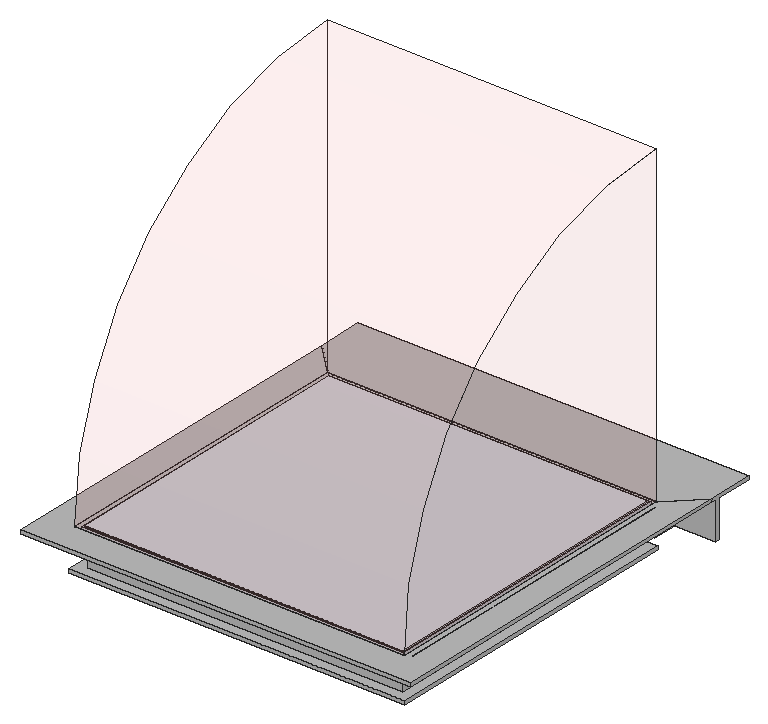
Revit family "Door_Access_Floor_Best_Access_Doors_BA-HFR-18-Carpet-VinylTile", category Specialty Equipment, host Face, Revit 2017
Family settings
  Host = Face
  Round Connector Dimension = Use Diameter
  Part Type = Normal
  Cut with Voids When Loaded = No
  Shared = No
  Room Calculation Point = No
Parameters
  singleleafframelocate = if(Single Leaf, 0' 3", 0' 0")  # 0' - 3"
  halfswing = (Door Width / 2)  # 0' - 11 3/8"
  Warranty Duration (Years) = 0
  Unit Width = 1' - 10 3/4"
  Unit Weight = 0
  Unit Height = 2' - 1 1/8"
  Unit Depth = 0' - 3"
  URL = "https://www.bestaccessdoors.com/"
  Test Data = ""
  Swing Clearance Visible [instance] = yes
  Standards Conformance = "as Specified"
  Specification = ""
  SpecWizard = ""
  SingleSwing [instance] = and(Single Leaf, Swing Clearance Visible)  # yes
  Single Leaf = yes
  Sales Information = ""
  Revision = "R1_2017-03"
  Product data url = "https://bimobject.com/best-access-doors/product/hinged-floor-hatch-recessed-for-vinyl-tile-carpet-access-door"
  Product Properties = ""
  Product Data = ""
  Overall Width = 2' - 4 3/4"
  Overall Height = 2' - 7 1/8"
  Opening Width = Unit Width  # 1' - 10 3/4"
  Opening Height = Unit Height  # 2' - 1 1/8"
  Opening Depth [instance] = 1' - 0"
  Model = "As Specified"
  Manufacturer = "Best Access Doors"  # constant formula
  Maintenance Schedule (Months) = 0
  Keynote = ""
  Installation-Fabrication = ""
  Installation Phase = ""
  Green Building-LEED = ""
  Frame Finish [instance] = Metal - Best Access Doors - Aluminum
  Floor Material Thickness [instance] = 0' - 0 1/16"
  Floor Material [instance] = none
  Fixture Finish [instance] = none
  Expected Lifespan (Years) = 0
  DoubleSwing [instance] = and(Double Leaf, Swing Clearance Visible)  # no
  Double Leaf = not(Single Leaf)  # no
  Door Width = Unit Width  # 1' - 10 3/4"
  Door Height = Unit Height  # 2' - 1 1/8"
  Description = "Best Access Doors Product as Specified"
  Default Elevation = 0' - 0"  # constant formula
  Construction Details = ""
  Clearance Material [instance] = Clearance
  Clear Opening Width = 1' - 8"
  Clear Opening Height = 2' - 0"
  Capacity = "as Specified"
  Available Options [instance] = "as Specified"
  Assembly Code = ""
Reference planes (in)
  plane 1 "Center (Front/Back)": y = 1.28343
  plane 2: z = 0
  plane 3 "Center (Left/Right)": x = 0
  plane 4: y = 13.84593
  plane 5: y = -11.27907
  plane 6: x = -11.375
  plane 7: x = 11.375
  plane 8: z = 0
  plane 9: y = 16.84593
  plane 10: y = -14.27907
  plane 11: x = -14.375
  plane 12: x = 14.375
  plane 13: z = -3
  plane 14: x = -11.375
  plane 15: x = 11.375
  plane 16: y = 13.84593
  plane 17: y = -11.27907
  plane 18: z = -12
Forms (in)
  Extrusion 1, void
    sketch origin (0, 0, 0) x (1, 0, 0) y (0, 1, 0)
      loop
        line (-11.375, 13.84593) -> (-11.375, -11.27907) -> (11.375, -11.27907) -> (11.375, 13.84593) -> (-11.375, 13.84593)
    from -12 to 0
  Extrusion 2, void
    sketch origin (0, 0, 0) x (1, 0, 0) y (0, 1, 0)
      loop
        line (-14.375, 16.84593) -> (-14.375, -14.27907) -> (14.375, -14.27907) -> (14.375, 16.84593) -> (-14.375, 16.84593)
    from 0 to -0.25
Dimensions and locks (in)
  locked: plane 8 to level
  equal spacing: plane 4, plane 1 "Center (Front/Back)", plane 5
  "Unit Height": plane 4 to plane 5
  equal spacing: plane 6, plane 3 "Center (Left/Right)", plane 7
  "Unit Width": plane 6 to plane 7
  equal spacing: plane 11, plane 3 "Center (Left/Right)", plane 12
  "Overall Width": plane 11 to plane 12
  "Overall Height": plane 9 to plane 10
  "Unit Depth": plane 8 to plane 13
  equal spacing: plane 16, plane 1 "Center (Front/Back)", plane 17
  equal spacing: plane 14, plane 3 "Center (Left/Right)", plane 15
  "Opening Width": plane 14 to plane 15
  "Opening Height": plane 16 to plane 17
  "Opening Depth": level to plane 18
  locked: plane 17 to plane 10 at 3
  aligned and locked: host face to plane 2
  aligned and locked: host face to level
  aligned and locked: Extrusion 1 sketch curve to plane 16
  aligned and locked: plane 14 to Extrusion 1 sketch curve
  aligned and locked: plane 17 to Extrusion 1 sketch curve
  aligned and locked: Extrusion 1 sketch curve to plane 15
  aligned and locked: Extrusion 1 to plane 18
  aligned and locked: plane 8 to Extrusion 1
  aligned and locked: plane 3 "Center (Left/Right)" to nested 1
  aligned and locked: plane 1 "Center (Front/Back)" to nested 1
  aligned and locked: Extrusion 2 sketch curve to nested 1  (x4)
  aligned and locked: plane 3 "Center (Left/Right)" to nested 2
  aligned and locked: nested 2 to plane 1 "Center (Front/Back)"
Automatic sketch dimensions
  host sketch curve to host sketch curve = 12' - 11.75605"
  host sketch curve to host sketch curve = 12' - 7.74281"
Nested families (in)
  nested 1: "BA-HFR-18-SL" at (0, 0, 0), Frame Finish <- "Frame Finish", Swing Clearance Visible <- "Swing Clearance Visible", Floor Material <- "Floor Material", Floor Material Thickness <- "Floor Material Thickness", Fixture Finish <- "Fixture Finish", Clearance Material <- "Clearance Material", Clear Opening Width <- "Clear Opening Width", Clear Opening Height <- "Clear Opening Height", Unit Width <- "Unit Width", Unit Height <- "Unit Height", Unit Depth <- "Unit Depth", Overall Height <- "Overall Height", Overall Width <- "Overall Width", visible <- "Single Leaf", type "BA-HFR-18-SL"
    with halfswing 1' - 0 1/8", doorwidthhalfneg -1' - 0 1/8", doorwidthhalf 1' - 0 1/8", Unit Width 1' - 10 3/4", Unit Height 2' - 1 1/8", Unit Depth 0' - 3", Swing Clearance Visible yes, SingleSwing yes, Overall Width 2' - 4 3/4", Overall Height 2' - 7 1/8", Opening Width 1' - 10 3/4", Opening Height 2' - 1 1/8", Opening Depth 1' - 0", Frame Finish Metal - Best Access Doors - Aluminum, Floor Material Thickness 0' - 0 1/16", Floor Material none, Fixture Finish none, DoubleSwing no, Door Width 2' - 0 1/4", Door Height 1' - 11 1/4", Clearance Material Clearance, Clear Opening Width 1' - 8", Clear Opening Height 2' - 0", Available Options "as Specified"
  nested 2: "BA-HFR-18-DL" at (1.28343, 1.28343, 0) x (0, 1, 0) z (0, 0, 1), visible <- "Double Leaf", Swing Clearance Visible <- "Swing Clearance Visible", Floor Material Thickness <- "Floor Material Thickness", Frame Finish <- "Frame Finish", Floor Material <- "Floor Material", Fixture Finish <- "Fixture Finish", Clearance Material <- "Clearance Material", Unit Width <- "Unit Height", Unit Height <- "Unit Width", Unit Depth <- "Unit Depth", Overall Width <- "Overall Height", Overall Height <- "Overall Width", Clear Opening Width <- "Clear Opening Height", Clear Opening Height <- "Clear Opening Width", type "BA-HFR-18-DL"
    with halfswing 0' - 8 3/4", doorwidthhalfneg -1' - 1 5/16", doorwidthhalf 1' - 1 5/16", Unit Width 2' - 1 1/8", Unit Height 1' - 10 3/4", Unit Depth 0' - 3", Swing Clearance Visible yes, SingleSwing no, Overall Width 2' - 7 1/8", Overall Height 2' - 4 3/4", Opening Width 2' - 1 1/8", Opening Height 1' - 10 3/4", Opening Depth 1' - 0", Frame Finish Metal - Best Access Doors - Aluminum, Floor Material Thickness 0' - 0 1/16", Floor Material none, Fixture Finish none, DoubleSwing yes, Door Width 2' - 2 5/8", Door Height 1' - 5 1/2", Clearance Material Clearance, Clear Opening Width 2' - 0", Clear Opening Height 1' - 8", Available Options "as Specified"
Definition of nested family "BA-HFR-18-SL"
  Parameters (values of type "BA-HFR-18-SL")
    halfswing [instance] = (Door Width / 2)  # 1' - 9 1/8"
    doorwidthhalfneg [instance] = -(Door Width / 2)  # -1' - 9 1/8"
    doorwidthhalf [instance] = Door Width / 2  # 1' - 9 1/8"
    Warranty Duration (Years) = 0
    Unit Width [instance] = 3' - 4 3/4"
    Unit Weight = 0
    Unit Height [instance] = 3' - 8 1/8"
    Unit Depth [instance] = 0' - 3"
    URL = "https://www.bestaccessdoors.com/"
    Test Data = ""
    Swing Clearance Visible [instance] = yes
    Standards Conformance = "as Specified"
    Specification = ""
    SpecWizard = ""
    SingleSwing [instance] = and(Single Leaf, Swing Clearance Visible)  # yes
    Single Leaf = yes
    Sales Information = ""
    Revision = "R1_2017-03"
    Product Properties = ""
    Product Data = ""
    Overall Width [instance] = 3' - 10 3/4"
    Overall Height [instance] = 4' - 1 1/8"
    Opening Width [instance] = Unit Width  # 3' - 4 3/4"
    Opening Height [instance] = Unit Height  # 3' - 8 1/8"
    Opening Depth [instance] = 1' - 0"
    Model = "As Specified"
    Manufacturer = "Best Access Doors"
    Maintenance Schedule (Months) = 0
    Keynote = ""
    Installation-Fabrication = ""
    Installation Phase = ""
    Green Building-LEED = ""
    Frame Finish [instance] = none
    Floor Material Thickness [instance] = 0' - 0 1/16"
    Floor Material [instance] = none
    Fixture Finish [instance] = none
    Expected Lifespan (Years) = 0
    DoubleSwing [instance] = and(Double Leaf, Swing Clearance Visible)  # no
    Double Leaf = not(Single Leaf)  # no
    Door Width [instance] = Overall Width - 0' 4 1/2"  # 3' - 6 1/4"
    Door Height [instance] = Unit Height - 0' 3 3/8" + 0' 1 1/2"  # 3' - 6 1/4"
    Description = "Best Access Doors Product as Specified"
    Default Elevation = 0' - 0"  # constant formula
    Construction Details = ""
    Clearance Material [instance] = none
    Clear Opening Width [instance] = 1' - 8"
    Clear Opening Height [instance] = 2' - 0"
    Capacity = "as Specified"
    Available Options [instance] = "as Specified"
    Assembly Code = ""
  Reference planes (in)
    plane 1 "Center (Front/Back)": y = 1.28343
    plane 2: z = 0
    plane 3 "Center (Left/Right)": x = 0
    plane 4: y = 23.34593
    plane 5: y = -20.77907
    plane 6: x = -20.375
    plane 7: x = 20.375
    plane 8: z = 0
    plane 9: y = 25.34593
    plane 10: y = -23.77907
    plane 11: x = -23.375
    plane 12: x = 23.375
    plane 13: z = -3
    plane 14: x = -20.375
    plane 15: x = 20.375
    plane 16: y = 23.34593
    plane 17: y = -20.77907
    plane 18: z = -12
    plane 19: y = 19.97093
    plane 20: y = -0.40407
    plane 21: y = 20.47093
    plane 22: y = -21.27907
    plane 23: x = 20.875
    plane 24: x = -20.875
  Forms (in)
    Extrusion 1, solid
      sketch origin (0, 0, 0) x (1, 0, 0) y (0, 1, 0)
        loop
          line (-79.875, 69.28343) -> (-79.875, -82.45938) -> (75.88105, -82.45938) -> (75.88105, 69.28343) -> (-79.875, 69.28343)
      from 0 to -12
    Sweep 2, solid, material <- "Frame Finish", visible <- "Single Leaf"
      path origin (0, 0, 0) x (1, 0, 0) y (0, 1, 0)
        loop
          line (23.375, 25.34593) -> (23.375, -23.77907) -> (-23.375, -23.77907) -> (-23.375, 25.34593)
      profile origin (-23.375, 0.78343, 0) x (-1, 0, 0) y (0, 0, 1)
        loop
          line (-3, -0.25) -> (-3, -3) -> (-2, -3) -> (-2, -2.75) -> (-2.75, -2.75) -> (-2.75, -0.42678) -> (-2.32322, -0.42678) -> (-2.14645, -0.25) -> (0, -0.25) -> (0, 0) -> (-2.25, 0) -> (-2.5, -0.25) -> (-3, -0.25)
    Extrusion 3, solid, material <- "Fixture Finish", visible <- "Single Leaf"
      sketch origin (0, 0, 0) x (1, 0, 0) y (0, 1, 0)
        loop
          line (-20.875, 20.47093) -> (-20.875, -21.27907) -> (20.875, -21.27907) -> (20.875, 20.47093) -> (-20.875, 20.47093)
      from 0 to -0.25
    Extrusion 4, solid, material <- "Frame Finish", visible <- "Single Leaf"
      sketch origin (0, 0, 0) x (1, 0, 0) y (0, 1, 0)
        loop
          line (-19.625, 19.34593) -> (-19.625, -20.02739) -> (19.62332, -20.02739) -> (19.62332, 19.34593) -> (-19.625, 19.34593)
      from -2.45734 to -0.25
    Sweep 5, solid, material <- "Frame Finish", visible <- "Single Leaf"
      path origin (0, 0, 0) x (1, 0, 0) y (0, 1, 0)
        loop
          line (-23.375, 25.34593) -> (23.375, 25.34593)
      profile origin (0, 25.34593, 0) x (0, 1, 0) y (0, 0, 1)
        loop
          line (-5.375, -0.25) -> (-5.375, -0.5) -> (-4.77145, -0.5) -> (-4.52145, -0.25) -> (-3.875, -0.25) -> (-3.875, -3) -> (-1.75, -3) -> (-1.75, -0.25) -> (0, -0.25) -> (0, 0) -> (-4.625, 0) -> (-4.875, -0.25) -> (-5.375, -0.25)
    Extrusion 6, void
      sketch origin (0, 0, 0) x (1, 0, 0) y (0, 1, 0)
        loop
          line (-23.375, 22.97093) -> (-20.875, 20.47093) -> (-20.375, 20.47093) -> (-20.375, 25.34593) -> (-23.375, 25.34593) -> (-23.375, 22.97093)
        loop
          line (23.375, 22.97093) -> (23.375, 25.34593) -> (20.375, 25.34593) -> (20.375, 20.47093) -> (20.875, 20.47093) -> (23.375, 22.97093)
      from 0 to -3
    Extrusion 7, void
      sketch origin (0, 0, 0) x (1, 0, 0) y (0, 1, 0)
        loop
          line (-20.875, 19.97093) -> (-20.875, 20.47093) -> (-23.375, 22.97093) -> (-23.375, 19.97093) -> (-20.875, 19.97093)
        loop
          line (20.875, 19.97093) -> (23.375, 19.97093) -> (23.375, 22.97093) -> (20.875, 20.47093) -> (20.875, 19.97093)
      from 0 to -3
    Extrusion 8, void
      sketch origin (0, 0, 0) x (1, 0, 0) y (0, 1, 0)
        loop
          line (-20.375, 20.47093) -> (-20.375, 23.34593) -> (-23.375, 23.34593) -> (-23.375, 20.47093) -> (-20.375, 20.47093)
        loop
          line (20.375, 20.47093) -> (23.375, 20.47093) -> (23.375, 23.34593) -> (20.375, 23.34593) -> (20.375, 20.47093)
      from -3 to -0.25
    Extrusion 9, solid, material <- "Clearance Material", visible <- "SingleSwing"
      sketch origin (0, 0, 0) x (0, 1, 0) y (0, 0, 1)
        loop
          arc (20.72093, 42.25) -> (-9.15433, 29.87526) -> (-21.52907, 0) r 42.25
          line (-21.52907, 0) -> (20.72093, 0) -> (20.72093, 42.25)
      from -21.125 <- "doorwidthhalfneg" to 21.125 <- "doorwidthhalf"
    Extrusion 10, solid, material <- "Floor Material"
      sketch origin (0, 0, 0) x (1, 0, 0) y (0, 1, 0)
        loop
          line (20.75, -21.15407) -> (20.75, 20.34593) -> (-20.75, 20.34593) -> (-20.75, -21.15407) -> (20.75, -21.15407)
      from 0 to 0.0625 <- "Floor Material Thickness"
  Cuts and joins
    Extrusion 6, Extrusion 8 cuts Sweep 2
    Extrusion 7, Extrusion 8 cuts Sweep 5
  Lines and regions (in)
    model lines, visible <- "Single Leaf"
      curve 1: line (-20.875, -21.27907, 0.0625) -> (0, 20.47093, 0.0625)
      curve 2: line (0, 20.47093, 0.0625) -> (20.875, -21.27907, 0.0625)
  Dimensions and locks (in)
    locked: plane 8 to level
    equal spacing: plane 4, plane 1 "Center (Front/Back)", plane 5
    "Unit Height": plane 4 to plane 5
    equal spacing: plane 6, plane 3 "Center (Left/Right)", plane 7
    "Unit Width": plane 6 to plane 7
    equal spacing: plane 11, plane 3 "Center (Left/Right)", plane 12
    "Overall Width": plane 11 to plane 12
    "Overall Height": plane 9 to plane 10
    "Unit Depth": plane 8 to plane 13
    equal spacing: plane 16, plane 1 "Center (Front/Back)", plane 17
    equal spacing: plane 14, plane 3 "Center (Left/Right)", plane 15
    "Opening Width": plane 14 to plane 15
    "Opening Height": plane 16 to plane 17
    "Opening Depth": level to plane 18
    locked: Extrusion 4 sketch curve to plane 15 at 0.75168
    locked: plane 14 to Extrusion 4 sketch curve at 0.75
    locked: plane 16 to Extrusion 4 sketch curve at 4
    locked: Extrusion 4 sketch curve to plane 17 at 0.75168
    locked: plane 16 to plane 19 at 3.375
    plane 14 to Sweep 2 sketch curve to Sweep 2 sketch curve to Sweep 2 sketch curve to Sweep 2 sketch curve to Sweep 2 sketch curve to Sweep 2 sketch curve = 0' - 0 1/4" locked, 0' - 0 1/4" locked, 0' - 0.17678" locked, 0' - 0.07322" locked, 0' - 0.10355" locked, 0' - 0.14645" locked
    locked: plane 17 to plane 10 at 3
    locked: plane 17 to plane 22 at 0.5
    locked: plane 21 to plane 19 at 0.5
    equal spacing: plane 21, plane 20, plane 22
    locked: plane 24 to plane 14 at 0.5
    locked: plane 15 to plane 23 at 0.5
    Extrusion 7 sketch curve to Extrusion 7 sketch curve to plane 19 = 0' - 2 1/2" locked, 0' - 0 1/2" locked  (x2)
    locked: Extrusion 6 sketch curve to plane 21 at 2.5  (x2)
    Sweep 5 sketch curve to plane 16 to Sweep 5 sketch curve = 0' - 1 7/8" locked, 0' - 0 1/4" locked
    plane 19 to Sweep 5 sketch curve to Sweep 5 sketch curve to Sweep 5 sketch curve to Sweep 5 sketch curve = 0' - 0 1/2" locked, 0' - 0.10355" locked, 0' - 0.14645" locked, 0' - 0.10355" locked
    locked: plane 21 to Extrusion 9 sketch curve at 0.25  (x2)
    locked: level to Extrusion 9 sketch curve at 0
    locked: plane 21 to Extrusion 10 sketch curve at 0.125
    locked: plane 24 to Extrusion 10 sketch curve at 0.125
    locked: Extrusion 10 sketch curve to plane 23 at 0.125
    locked: Extrusion 10 sketch curve to plane 22 at 0.125
    "Door Height": radius of Extrusion 9 sketch curve
    aligned and locked: Extrusion 1 to plane 2
    aligned and locked: Extrusion 1 to level
    aligned and locked: Sweep 2 sketch curve to plane 11
    aligned and locked: Sweep 2 sketch curve to plane 10
    aligned and locked: Sweep 2 sketch curve to plane 12
    aligned and locked: plane 9 to Sweep 2 sketch curve
    aligned and locked: Sweep 2 sketch curve to plane 9
    aligned and locked: plane 3 "Center (Left/Right)" to curve 2
    aligned and locked: Extrusion 3 sketch curve to plane 21
    aligned and locked: Extrusion 3 sketch curve to plane 24
    aligned and locked: Extrusion 3 sketch curve to plane 23
    aligned and locked: Extrusion 3 sketch curve to plane 22
    aligned and locked: plane 12 to Sweep 5 sketch curve
    aligned and locked: plane 11 to Sweep 5 sketch curve
    aligned and locked: Sweep 5 sketch curve to plane 9  (x2)
    aligned and locked: plane 21 to curve 2
    aligned and locked: Extrusion 7 sketch curve to plane 19  (x2)
    aligned and locked: plane 24 to Extrusion 7 sketch curve
    aligned and locked: Extrusion 7 sketch curve to plane 11
    aligned and locked: Extrusion 7 sketch curve to plane 12
    aligned and locked: plane 23 to Extrusion 7 sketch curve
    aligned and locked: plane 21 to Extrusion 6 sketch curve  (x2)
    aligned and locked: Extrusion 6 sketch curve to plane 15
    aligned and locked: Extrusion 6 sketch curve to plane 9  (x2)
    aligned and locked: plane 12 to Extrusion 6 sketch curve
    aligned and locked: plane 23 to Extrusion 6 sketch curve
    aligned and locked: plane 24 to Extrusion 6 sketch curve
    aligned and locked: plane 11 to Extrusion 6 sketch curve
    aligned and locked: Extrusion 6 sketch curve to plane 14
    aligned and locked: Extrusion 8 sketch curve to plane 14
    aligned and locked: plane 21 to Extrusion 8 sketch curve  (x2)
    aligned and locked: plane 11 to Extrusion 8 sketch curve
    aligned and locked: Extrusion 8 sketch curve to plane 15
    aligned and locked: plane 12 to Extrusion 8 sketch curve
    aligned and locked: Sweep 5 sketch curve to plane 19
    aligned and locked: Extrusion 8 sketch curve to plane 4  (x2)
  Automatic sketch dimensions
    Extrusion 1 sketch curve to Extrusion 1 sketch curve = 12' - 11.75605"
    Extrusion 1 sketch curve to Extrusion 1 sketch curve = 12' - 7.74281"
    Sweep 2 sketch curve to level = 0' - 0"
    Sweep 2 sketch curve to profile plane = 0' - 0"
    Sweep 2 sketch curve to level = 0' - 0 1/4"  (x2)
    Sweep 2 sketch curve to Sweep 2 sketch curve = 0' - 0 1/4"  (x2)
    Sweep 2 sketch curve to Sweep 2 sketch curve = 0' - 2 1/2"
    Sweep 2 sketch curve to level = 0' - 0.42678"
    Sweep 5 sketch curve to level = 0' - 0"
    Sweep 5 sketch curve to level = 0' - 0 1/4"  (x2)
    Sweep 5 sketch curve to Sweep 5 sketch curve = 0' - 0 1/4"  (x2)
    Sweep 5 sketch curve to Sweep 5 sketch curve = 0' - 2 3/4"
    Extrusion 10 to curve 1 = 0' - 0 1/8"  (x2)
    Extrusion 10 to curve 2 = 0' - 0 1/8"  (x2)
Definition of nested family "BA-HFR-18-DL"
  Parameters (values of type "BA-HFR-18-DL")
    halfswing [instance] = (Door Height / 2)  # 1' - 6 15/16"
    doorwidthhalfneg [instance] = -(Door Width / 2)  # -1' - 9 1/8"
    doorwidthhalf [instance] = Door Width / 2  # 1' - 9 1/8"
    Warranty Duration (Years) = 0
    Unit Width [instance] = 3' - 4 3/4"
    Unit Weight = 0
    Unit Height [instance] = 3' - 7 1/8"
    Unit Depth [instance] = 0' - 3"
    URL = "https://www.bestaccessdoors.com/"
    Test Data = ""
    Swing Clearance Visible [instance] = yes
    Standards Conformance = "as Specified"
    Specification = ""
    SpecWizard = ""
    SingleSwing [instance] = and(Single Leaf, Swing Clearance Visible)  # no
    Single Leaf = 1 = 0  # no
    Sales Information = ""
    Revision = "R1_2017-03"
    Product Properties = ""
    Product Data = ""
    Overall Width [instance] = 3' - 10 3/4"
    Overall Height [instance] = 4' - 1 1/8"
    Opening Width [instance] = Unit Width  # 3' - 4 3/4"
    Opening Height [instance] = Unit Height  # 3' - 7 1/8"
    Opening Depth [instance] = 1' - 0"
    Model = "As Specified"
    Manufacturer = "Best Access Doors"
    Maintenance Schedule (Months) = 0
    Keynote = ""
    Installation-Fabrication = ""
    Installation Phase = ""
    Green Building-LEED = ""
    Frame Finish [instance] = none
    Floor Material Thickness [instance] = 0' - 0 1/16"
    Floor Material [instance] = none
    Fixture Finish [instance] = none
    Expected Lifespan (Years) = 0
    DoubleSwing [instance] = and(Double Leaf, Swing Clearance Visible)  # yes
    Double Leaf = not(Single Leaf)  # yes
    Door Width [instance] = Overall Width - 0' 4 1/2"  # 3' - 6 1/4"
    Door Height [instance] = Unit Height - (0' 3 3/8" * 2) + 0' 1 1/2"  # 3' - 1 7/8"
    Description = "Best Access Doors Product as Specified"
    Default Elevation = 0' - 0"  # constant formula
    Construction Details = ""
    Clearance Material [instance] = none
    Clear Opening Width [instance] = 1' - 8"
    Clear Opening Height [instance] = 2' - 0"
    Capacity = "as Specified"
    Available Options [instance] = "as Specified"
    Assembly Code = ""
  Reference planes (in)
    plane 1 "Center (Front/Back)": y = 1.28343
    plane 2: z = 0
    plane 3 "Center (Left/Right)": x = 0
    plane 4: y = 22.84593
    plane 5: y = -20.27907
    plane 6: x = -20.375
    plane 7: x = 20.375
    plane 8: z = 0
    plane 9: y = 25.84593
    plane 10: y = -23.27907
    plane 11: x = -23.375
    plane 12: x = 23.375
    plane 13: z = -3
    plane 14: x = -20.375
    plane 15: x = 20.375
    plane 16: y = 22.84593
    plane 17: y = -20.27907
    plane 18: z = -12
    plane 19: y = 19.47093
    plane 20: y = 19.97093
    plane 21: x = 20.875
    plane 22: x = -20.875
    plane 23: y = -16.90407
    plane 24: y = -17.40407
  Forms (in)
    Extrusion 1, solid
      sketch origin (0, 0, 0) x (1, 0, 0) y (0, 1, 0)
        loop
          line (-79.875, 69.28343) -> (-79.875, -82.45938) -> (75.88105, -82.45938) -> (75.88105, 69.28343) -> (-79.875, 69.28343)
      from 0 to -12
    Sweep 2, solid, material <- "Frame Finish", visible <- "Double Leaf"
      path origin (0, 0, 0) x (1, 0, 0) y (0, 1, 0)
        loop
          line (-23.375, -23.27907) -> (-23.375, 25.84593)
      profile origin (-23.375, 1.28343, 0) x (-1, 0, 0) y (0, 0, 1)
        loop
          line (-3, -0.25) -> (-3, -3) -> (-2, -3) -> (-2, -2.75) -> (-2.75, -2.75) -> (-2.75, -0.42678) -> (-2.32322, -0.42678) -> (-2.14645, -0.25) -> (0, -0.25) -> (0, 0) -> (-2.25, 0) -> (-2.5, -0.25) -> (-3, -0.25)
        loop
          line (-43.75, -0.25) -> (-44.25, -0.25) -> (-44.5, 0) -> (-46.75, 0) -> (-46.75, -0.25) -> (-44.60355, -0.25) -> (-44.42678, -0.42678) -> (-44, -0.42678) -> (-44, -2.75) -> (-44.75, -2.75) -> (-44.75, -3) -> (-43.75, -3) -> (-43.75, -0.25)
    Extrusion 3, solid, material <- "Fixture Finish", visible <- "Double Leaf"
      sketch origin (0, 0, 0) x (1, 0, 0) y (0, 1, 0)
        loop
          line (-20.875, 19.97093) -> (-20.875, 1.28343) -> (20.875, 1.28343) -> (20.875, 19.97093) -> (-20.875, 19.97093)
      from 0 to -0.25
    Extrusion 4, solid, material <- "Frame Finish", visible <- "Double Leaf"
      sketch origin (0, 0, 0) x (1, 0, 0) y (0, 1, 0)
        loop
          line (-19.625, 18.84593) -> (-19.625, 1.28343) -> (19.62332, 1.28343) -> (19.62332, 18.84593) -> (-19.625, 18.84593)
      from -2.45734 to -0.25
    Sweep 5, solid, material <- "Frame Finish", visible <- "Double Leaf"
      path origin (0, 0, 0) x (1, 0, 0) y (0, 1, 0)
        loop
          line (-23.375, 25.84593) -> (23.375, 25.84593)
      profile origin (0, 25.84593, 0) x (0, 1, 0) y (0, 0, 1)
        loop
          line (-6.375, -0.25) -> (-6.375, -0.5) -> (-5.77145, -0.5) -> (-5.52145, -0.25) -> (-4.875, -0.25) -> (-4.875, -3) -> (-2.75, -3) -> (-2.75, -0.25) -> (0, -0.25) -> (0, 0) -> (-5.625, 0) -> (-5.875, -0.25) -> (-6.375, -0.25)
    Extrusion 6, void
      sketch origin (0, 0, 0) x (1, 0, 0) y (0, 1, 0)
        loop
          line (-23.375, 22.47093) -> (-20.875, 19.97093) -> (-20.375, 19.97093) -> (-20.375, 25.84593) -> (-23.375, 25.84593) -> (-23.375, 22.47093)
        loop
          line (23.375, 22.47093) -> (23.375, 25.84593) -> (20.375, 25.84593) -> (20.375, 19.97093) -> (20.875, 19.97093) -> (23.375, 22.47093)
        loop
          line (-23.375, -19.90407) -> (-23.375, -23.27907) -> (-20.375, -23.27907) -> (-20.375, -17.40407) -> (-20.875, -17.40407) -> (-23.375, -19.90407)
        loop
          line (23.375, -19.90407) -> (20.875, -17.40407) -> (20.375, -17.40407) -> (20.375, -23.27907) -> (23.375, -23.27907) -> (23.375, -19.90407)
      from 0 to -3
    Extrusion 7, void
      sketch origin (0, 0, 0) x (1, 0, 0) y (0, 1, 0)
        loop
          line (-20.875, 19.47093) -> (-20.875, 19.97093) -> (-23.375, 22.47093) -> (-23.375, 19.47093) -> (-20.875, 19.47093)
        loop
          line (20.875, 19.47093) -> (23.375, 19.47093) -> (23.375, 22.47093) -> (20.875, 19.97093) -> (20.875, 19.47093)
        loop
          line (-20.875, -16.90407) -> (-23.375, -16.90407) -> (-23.375, -19.90407) -> (-20.875, -17.40407) -> (-20.875, -16.90407)
        loop
          line (20.875, -16.90407) -> (20.875, -17.40407) -> (23.375, -19.90407) -> (23.375, -16.90407) -> (20.875, -16.90407)
      from 0 to -3
    Extrusion 8, void
      sketch origin (0, 0, 0) x (1, 0, 0) y (0, 1, 0)
        loop
          line (-20.375, 19.97093) -> (-20.375, 22.84593) -> (-23.375, 22.84593) -> (-23.375, 19.97093) -> (-20.375, 19.97093)
        loop
          line (20.375, 19.97093) -> (23.375, 19.97093) -> (23.375, 22.84593) -> (20.375, 22.84593) -> (20.375, 19.97093)
        loop
          line (-20.375, -17.40407) -> (-23.375, -17.40407) -> (-23.375, -20.27907) -> (-20.375, -20.27907) -> (-20.375, -17.40407)
        loop
          line (20.375, -17.40407) -> (20.375, -20.27907) -> (23.375, -20.27907) -> (23.375, -17.40407) -> (20.375, -17.40407)
      from -3 to -0.25
    Extrusion 9, solid, material <- "Floor Material", visible <- "Double Leaf"
      sketch origin (0, 0, 0) x (1, 0, 0) y (0, 1, 0)
        loop
          line (20.75, 1.40843) -> (20.75, 19.84593) -> (-20.75, 19.84593) -> (-20.75, 1.40843) -> (20.75, 1.40843)
        loop
          line (20.75, 1.15843) -> (-20.75, 1.15843) -> (-20.75, -17.27907) -> (20.75, -17.27907) -> (20.75, 1.15843)
      from 0 to 0.0625 <- "Floor Material Thickness"
    Sweep 10, solid, material <- "Frame Finish"
      path origin (0, 0, 0) x (1, 0, 0) y (0, 1, 0)
        loop
          line (-23.375, -23.27907) -> (23.375, -23.27907)
      profile origin (0, -23.27907, 0) x (0, 1, 0) y (0, 0, 1)
        loop
          line (2.75, -0.25) -> (2.75, -3) -> (4.875, -3) -> (4.875, -0.25) -> (5.52145, -0.25) -> (5.77145, -0.5) -> (6.375, -0.5) -> (6.375, -0.25) -> (5.875, -0.25) -> (5.625, 0) -> (0, 0) -> (0, -0.25) -> (2.75, -0.25)
    Extrusion 11, solid, material <- "Fixture Finish", visible <- "Double Leaf"
      sketch origin (0, 2.56686, 0) x (1, 0, 0) y (0, 1, 0)
        loop
          line (-20.875, -19.97093) -> (20.875, -19.97093) -> (20.875, -1.28343) -> (-20.875, -1.28343) -> (-20.875, -19.97093)
      from 0 to -0.25
    Extrusion 12, solid, material <- "Clearance Material", visible <- "DoubleSwing"
      sketch origin (0, 0, 0) x (0, 1, 0) y (0, 0, 1)
        loop
          arc (1.28343, 0) -> (-4.26324, 13.39083) -> (-17.65407, 18.9375) r 18.9375
          line (-17.65407, 18.9375) -> (-17.65407, 0) -> (1.28343, 0)
      from -21.125 <- "doorwidthhalfneg" to 21.125 <- "doorwidthhalf"
    Extrusion 13, solid, material <- "Clearance Material", visible <- "DoubleSwing"
      sketch origin (0, 2.56686, 0) x (0, -1, 0) y (0, 0, -1)
        loop
          line (1.28343, 0) -> (-17.65407, 0) -> (-17.65407, -18.9375)
          arc (-17.65407, -18.9375) -> (-4.26324, -13.39083) -> (1.28343, 0) r 18.9375
      from 21.125 <- "doorwidthhalf" to -21.125 <- "doorwidthhalfneg"
    Extrusion 14, solid, material <- "Frame Finish", visible <- "Double Leaf"
      sketch origin (0, 2.56686, 0) x (1, 0, 0) y (0, 1, 0)
        loop
          line (-19.625, -18.84593) -> (19.62332, -18.84593) -> (19.62332, -1.28343) -> (-19.625, -1.28343) -> (-19.625, -18.84593)
      from -2.45734 to -0.25
  Cuts and joins
    Extrusion 6, Extrusion 8 cuts Sweep 2
    Extrusion 7, Extrusion 8 cuts Sweep 5
    Extrusion 7 cuts Sweep 10
  Lines and regions (in)
    model lines, visible <- "Double Leaf"
      curve 1: line (-20.875, 1.28343, 0.0625) -> (0, 19.97093, 0.0625)
      curve 2: line (0, 19.97093, 0.0625) -> (20.875, 1.28343, 0.0625)
      curve 3: line (-20.875, 1.28343, 0.0625) -> (0, -17.40407, 0.0625)
      curve 4: line (0, -17.40407, 0.0625) -> (20.875, 1.28343, 0.0625)
  Dimensions and locks (in)
    locked: plane 8 to level
    equal spacing: plane 4, plane 1 "Center (Front/Back)", plane 5
    "Unit Height": plane 4 to plane 5
    equal spacing: plane 6, plane 3 "Center (Left/Right)", plane 7
    "Unit Width": plane 6 to plane 7
    equal spacing: plane 11, plane 3 "Center (Left/Right)", plane 12
    "Overall Width": plane 11 to plane 12
    "Overall Height": plane 9 to plane 10
    "Unit Depth": plane 8 to plane 13
    equal spacing: plane 16, plane 1 "Center (Front/Back)", plane 17
    equal spacing: plane 14, plane 3 "Center (Left/Right)", plane 15
    "Opening Width": plane 14 to plane 15
    "Opening Height": plane 16 to plane 17
    "Opening Depth": level to plane 18
    locked: Extrusion 4 sketch curve to plane 15 at 0.75168
    locked: plane 14 to Extrusion 4 sketch curve at 0.75
    locked: plane 16 to Extrusion 4 sketch curve at 4
    locked: plane 16 to plane 19 at 3.375
    plane 14 to Sweep 2 sketch curve to Sweep 2 sketch curve to Sweep 2 sketch curve to Sweep 2 sketch curve to Sweep 2 sketch curve to Sweep 2 sketch curve = 0' - 0 1/4" locked, 0' - 0 1/4" locked, 0' - 0.17678" locked, 0' - 0.07322" locked, 0' - 0.10355" locked, 0' - 0.14645" locked
    locked: plane 20 to plane 19 at 0.5
    locked: plane 22 to plane 14 at 0.5
    locked: plane 15 to plane 21 at 0.5
    Extrusion 7 sketch curve to Extrusion 7 sketch curve to plane 19 = 0' - 2 1/2" locked, 0' - 0 1/2" locked  (x2)
    locked: Extrusion 6 sketch curve to plane 20 at 2.5  (x2)
    Sweep 5 sketch curve to plane 16 to Sweep 5 sketch curve = 0' - 1 7/8" locked, 0' - 0 1/4" locked
    plane 19 to Sweep 5 sketch curve to Sweep 5 sketch curve to Sweep 5 sketch curve to Sweep 5 sketch curve = 0' - 0 1/2" locked, 0' - 0.10355" locked, 0' - 0.14645" locked, 0' - 0.10355" locked
    locked: plane 20 to Extrusion 9 sketch curve at 0.125
    locked: plane 22 to Extrusion 9 sketch curve at 0.125  (x2)
    locked: Extrusion 9 sketch curve to plane 21 at 0.125  (x2)
    equal spacing: plane 9, plane 1 "Center (Front/Back)", plane 10
    plane 10 to Sweep 10 sketch curve to Sweep 10 sketch curve to Sweep 10 sketch curve to Sweep 10 sketch curve to Sweep 10 sketch curve to Sweep 10 sketch curve to Sweep 10 sketch curve = 0' - 2 3/4" locked, 0' - 2 1/8" locked, 0' - 0.64645" locked, 0' - 0.10355" locked, 0' - 0.14645" locked, 0' - 0.10355" locked, 0' - 0 1/2" locked
    locked: plane 1 "Center (Front/Back)" to Extrusion 9 sketch curve at 0.125
    locked: plane 23 to plane 17 at 3.375
    locked: plane 23 to plane 24 at 0.5
    Sweep 2 sketch curve to Sweep 2 sketch curve to Sweep 2 sketch curve to Sweep 2 sketch curve to Sweep 2 sketch curve to Sweep 2 sketch curve = 0' - 0 1/4" locked, 0' - 0.17678" locked, 0' - 0.07322" locked, 0' - 0.10355" locked, 0' - 0.14645" locked
    locked: Sweep 2 sketch curve to plane 15 at 0.25
    locked: plane 24 to Extrusion 6 sketch curve at 2.5  (x2)
    locked: Extrusion 7 sketch curve to Extrusion 7 sketch curve at 2.5  (x2)
    locked: plane 23 to Extrusion 7 sketch curve at 0.5  (x2)
    locked: Extrusion 9 sketch curve to plane 1 "Center (Front/Back)" at 0.125
    locked: Extrusion 9 sketch curve to plane 24 at 0.125
    locked: Extrusion 12 sketch curve to plane 24 at 0.25
    locked: level to Extrusion 12 sketch curve at 0
    locked: plane 20 to Extrusion 13 sketch curve at 0.25
    locked: level to Extrusion 13 sketch curve at 0
    locked: Extrusion 14 sketch curve to plane 17 at 4
    locked: plane 14 to Extrusion 14 sketch curve at 0.75
    locked: Extrusion 14 sketch curve to plane 15 at 0.75168
    "halfswing": radius of Extrusion 12 sketch curve
    "halfswing": radius of Extrusion 13 sketch curve
    aligned and locked: Extrusion 1 to plane 2
    aligned and locked: Extrusion 1 to level
    aligned and locked: Sweep 2 sketch curve to plane 11
    aligned and locked: plane 9 to Sweep 2 sketch curve
    aligned and locked: plane 3 "Center (Left/Right)" to curve 2
    aligned and locked: Extrusion 3 sketch curve to plane 20
    aligned and locked: plane 22 to Extrusion 3 sketch curve
    aligned and locked: Extrusion 3 sketch curve to plane 21
    aligned and locked: plane 12 to Sweep 5 sketch curve
    aligned and locked: plane 11 to Sweep 5 sketch curve
    aligned and locked: Sweep 5 sketch curve to plane 9  (x2)
    aligned and locked: plane 20 to curve 2
    aligned and locked: Extrusion 7 sketch curve to plane 19  (x2)
    aligned and locked: plane 22 to Extrusion 7 sketch curve
    aligned and locked: Extrusion 7 sketch curve to plane 11
    aligned and locked: Extrusion 7 sketch curve to plane 12
    aligned and locked: plane 21 to Extrusion 7 sketch curve
    aligned and locked: plane 20 to Extrusion 6 sketch curve  (x2)
    aligned and locked: Extrusion 6 sketch curve to plane 15  (x2)
    aligned and locked: Extrusion 6 sketch curve to plane 9  (x2)
    aligned and locked: plane 12 to Extrusion 6 sketch curve
    aligned and locked: plane 21 to Extrusion 6 sketch curve
    aligned and locked: plane 22 to Extrusion 6 sketch curve
    aligned and locked: plane 11 to Extrusion 6 sketch curve
    aligned and locked: Extrusion 6 sketch curve to plane 14  (x2)
    aligned and locked: Extrusion 8 sketch curve to plane 14
    aligned and locked: plane 20 to Extrusion 8 sketch curve  (x2)
    aligned and locked: plane 11 to Extrusion 8 sketch curve
    aligned and locked: Extrusion 8 sketch curve to plane 15
    aligned and locked: plane 12 to Extrusion 8 sketch curve
    aligned and locked: Sweep 5 sketch curve to plane 19
    aligned and locked: Extrusion 8 sketch curve to plane 16  (x2)
    aligned and locked: Sweep 10 sketch curve to plane 12
    aligned and locked: Sweep 10 sketch curve to plane 11
    aligned and locked: Sweep 10 sketch curve to plane 10
    aligned and locked: Extrusion 3 sketch curve to plane 1 "Center (Front/Back)"
    aligned and locked: Extrusion 11 sketch curve to plane 22
    aligned and locked: Extrusion 11 sketch curve to plane 21
    aligned and locked: Extrusion 11 sketch curve to plane 1 "Center (Front/Back)"
    aligned and locked: plane 12 to Sweep 2 sketch curve
    aligned and locked: plane 11 to Sweep 2 sketch curve
    aligned and locked: plane 24 to Extrusion 6 sketch curve
    aligned and locked: Extrusion 6 sketch curve to plane 24
    aligned and locked: Extrusion 6 sketch curve to plane 11
    aligned and locked: Extrusion 6 sketch curve to plane 10  (x2)
    aligned and locked: Extrusion 6 sketch curve to plane 12
    aligned and locked: plane 11 to Extrusion 7 sketch curve
    aligned and locked: Extrusion 7 sketch curve to plane 23
    aligned and locked: plane 23 to Extrusion 7 sketch curve
    aligned and locked: plane 12 to Extrusion 7 sketch curve
    aligned and locked: plane 1 "Center (Front/Back)" to curve 4
    aligned and locked: plane 21 to curve 4
    aligned and locked: plane 22 to curve 3
    aligned and locked: plane 1 "Center (Front/Back)" to curve 1
    aligned and locked: plane 3 "Center (Left/Right)" to curve 4
    aligned and locked: plane 24 to curve 3
    aligned and locked: Extrusion 8 sketch curve to plane 11
    aligned and locked: plane 24 to Extrusion 8 sketch curve
    aligned and locked: plane 14 to Extrusion 8 sketch curve
    aligned and locked: Extrusion 8 sketch curve to plane 17  (x2)
    aligned and locked: Extrusion 8 sketch curve to plane 12
    aligned and locked: plane 15 to Extrusion 8 sketch curve
    aligned and locked: Extrusion 8 sketch curve to plane 24
    aligned and locked: Extrusion 4 sketch curve to plane 1 "Center (Front/Back)"
    aligned and locked: Extrusion 14 sketch curve to plane 1 "Center (Front/Back)"
  Automatic sketch dimensions
    Extrusion 1 sketch curve to Extrusion 1 sketch curve = 12' - 11.75605"
    Extrusion 1 sketch curve to Extrusion 1 sketch curve = 12' - 7.74281"
    Sweep 2 sketch curve to plane 10 = 0' - 0"
    Sweep 2 sketch curve to level = 0' - 0"  (x2)
    Sweep 2 sketch curve to Sweep 2 sketch curve = 0' - 0 1/4"  (x5)
    Sweep 2 sketch curve to level = 0' - 0 1/4"  (x3)
    Sweep 2 sketch curve to Sweep 2 sketch curve = 0' - 0.17678"  (x2)
    Sweep 2 sketch curve to Sweep 2 sketch curve = 0' - 2.32322"  (x2)
    Sweep 5 sketch curve to level = 0' - 0"
    Sweep 5 sketch curve to level = 0' - 0 1/4"  (x2)
    Sweep 5 sketch curve to Sweep 5 sketch curve = 0' - 0 1/4"  (x2)
    Sweep 5 sketch curve to Sweep 5 sketch curve = 0' - 2 3/4"
    Extrusion 6 sketch curve to plane 22 = 0' - 0"
    Extrusion 6 sketch curve to plane 21 = 0' - 0"
    Extrusion 7 sketch curve to plane 22 = 0' - 0"
    Extrusion 7 sketch curve to plane 21 = 0' - 0"
    Sweep 10 sketch curve to profile plane = 0' - 0"
    Sweep 10 sketch curve to level = 0' - 0"
    Sweep 10 sketch curve to level = 0' - 0 1/4"  (x3)
    Sweep 10 sketch curve to Sweep 10 sketch curve = 0' - 0 1/4"
    Sweep 10 sketch curve to Sweep 10 sketch curve = 0' - 2 1/2"
    Extrusion 11 sketch curve to plane 24 = 0' - 0"
    Extrusion 12 sketch curve to level = 0' - 0"
    Extrusion 13 sketch curve to level = 0' - 0"
